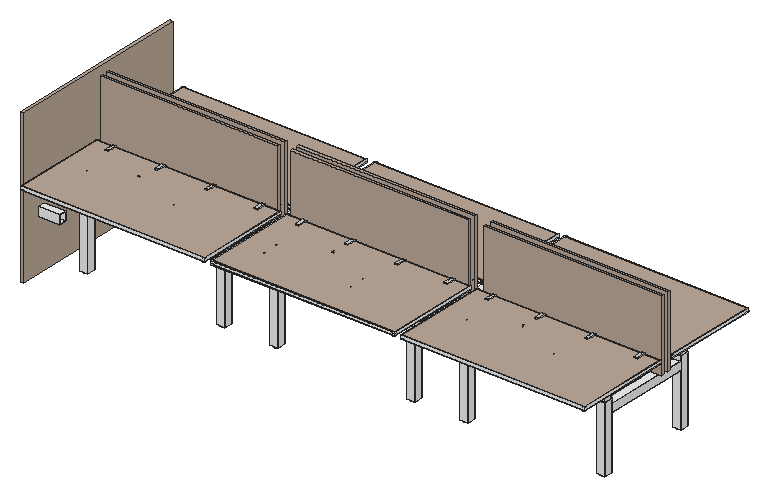
Revit family "T200106", category Furniture, Revit 2022
Family settings
  OmniClass Number = 23.40.20.00
  OmniClass Title = General Furniture and Specialties
  Work Plane-Based = No
  Always vertical = No
  Cut with Voids When Loaded = No
  Render Appearance Source = Family Geometry
  Shared = No
  Room Calculation Point = No
Parameters (values of type "T200106")
  URL = "https://ofs.com/"
  Manufacturer = "OFS"
  Description = "OFS TYPICAL T200106"
  Default Elevation = 0"
  Copyright © = "©OFS 2021"
  Catalog = "https://ofs.com/2020-experience"
  Authoring Version = "Autodesk Revit Architecture 2015"
  Assembly Code = "E2020400"
Reference planes (in)
  plane 1 "Center Front/Back": y = 0
  plane 2: z = 0
  plane 3 "Center Left/Right": x = 0
Dimensions and locks (in)
  aligned and locked: level to plane 2
Nested families (in)
  nested 1: "OFS RANGE CABLE CARRIER" at (-31.25, 12, -23.375), type "CABLE CARRIER 60W"
  nested 2: "OFS RANGE CABLE CARRIER" at (29.99027, 12, -23.375), type "CABLE CARRIER 60W"
  nested 3: "OFS RANGE CABLE CARRIER" at (89.95988, 12, -23.375), type "CABLE CARRIER 60W"
  nested 4: "OFS RANGE HEIGHT ADJUSTABLE BENCH KIT" at (89.95988, 12, 0), type "HEIGHT ADJUSTABLE BENCH KIT 60W"
    with Height 27 7/8"
  nested 5: "OFS RANGE HEIGHT ADJUSTABLE BENCH KIT" at (29.99027, 12, 0), type "HEIGHT ADJUSTABLE BENCH KIT 60W"
    with Height 27 7/8"
  nested 6: "OFS RANGE HEIGHT ADJUSTABLE BENCH KIT" at (-30, 12, 0), type "HEIGHT ADJUSTABLE BENCH KIT 60W"
    with Height 27 7/8"
  nested 7: "OFS RANGE END CAP" at (-63, 0.05906, 0) x (0, 1, 0) z (0, 0, 1), type "END CAP"
  nested 8: "OFS RANGE END CAP" at (121.70988, 0.04764, 0) x (0, -1, 0) z (0, 0, 1), type "END CAP"
  nested 9: "OFS RANGE HEIGHT ADJUSTABLE GANGING TRAY" at (0, 12, 0), type "HEIGHT ADJUSTABLE GANGING TRAY"
  nested 10: "OFS RANGE BRACKETS FOR WORKSURFACE EDGE MODESTY FABRIC PANEL" at (-22, -1.87262, -3.3125), type "BRACKETS FOR WORKSURFACE EDGE MODESTY Fabric Panel"
  nested 11: "OFS RANGE BRACKETS FOR WORKSURFACE EDGE MODESTY FABRIC PANEL" at (-38, -1.86781, -3.3125), type "BRACKETS FOR WORKSURFACE EDGE MODESTY Fabric Panel"
  nested 12: "OFS RANGE BRACKETS FOR WORKSURFACE EDGE MODESTY FABRIC PANEL" at (-6.5, -1.87262, -3.3125), type "BRACKETS FOR WORKSURFACE EDGE MODESTY Fabric Panel"
  nested 13: "OFS RANGE BRACKETS FOR WORKSURFACE EDGE MODESTY FABRIC PANEL" at (-53.5, -1.86802, -3.3125), type "BRACKETS FOR WORKSURFACE EDGE MODESTY Fabric Panel"
  nested 14: "OFS RANGE HEIGHT ADJUSTABLE GANGING TRAY" at (59.98054, 12, 0) x (-1, 0, 0) z (0, 0, 1), type "HEIGHT ADJUSTABLE GANGING TRAY"
  nested 15: "OFS RANGE BRACKETS FOR WORKSURFACE EDGE MODESTY FABRIC PANEL" at (-22, 1.87961, -3.3125), type "BRACKETS FOR WORKSURFACE EDGE MODESTY Fabric Panel"
  nested 16: "OFS RANGE BRACKETS FOR WORKSURFACE EDGE MODESTY FABRIC PANEL" at (-38, 1.87479, -3.3125), type "BRACKETS FOR WORKSURFACE EDGE MODESTY Fabric Panel"
  nested 17: "OFS RANGE BRACKETS FOR WORKSURFACE EDGE MODESTY FABRIC PANEL" at (-6.5, 1.87961, -3.3125), type "BRACKETS FOR WORKSURFACE EDGE MODESTY Fabric Panel"
  nested 18: "OFS RANGE BRACKETS FOR WORKSURFACE EDGE MODESTY FABRIC PANEL" at (-53.5, 1.875, -3.3125), type "BRACKETS FOR WORKSURFACE EDGE MODESTY Fabric Panel"
  nested 19: "OFS RANGE BRACKETS FOR WORKSURFACE EDGE MODESTY FABRIC PANEL" at (22, 1.87961, -3.3125) x (-1, 0, 0) z (0, 0, 1), type "BRACKETS FOR WORKSURFACE EDGE MODESTY Fabric Panel"
  nested 20: "OFS RANGE BRACKETS FOR WORKSURFACE EDGE MODESTY FABRIC PANEL" at (38, 1.87479, -3.3125) x (-1, 0, 0) z (0, 0, 1), type "BRACKETS FOR WORKSURFACE EDGE MODESTY Fabric Panel"
  nested 21: "OFS RANGE BRACKETS FOR WORKSURFACE EDGE MODESTY FABRIC PANEL" at (6.5, 1.87961, -3.3125) x (-1, 0, 0) z (0, 0, 1), type "BRACKETS FOR WORKSURFACE EDGE MODESTY Fabric Panel"
  nested 22: "OFS RANGE BRACKETS FOR WORKSURFACE EDGE MODESTY FABRIC PANEL" at (53.5, 1.875, -3.3125) x (-1, 0, 0) z (0, 0, 1), type "BRACKETS FOR WORKSURFACE EDGE MODESTY Fabric Panel"
  nested 23: "OFS RANGE BRACKETS FOR WORKSURFACE EDGE MODESTY FABRIC PANEL" at (22, -1.87262, -3.3125) x (-1, 0, 0) z (0, 0, 1), type "BRACKETS FOR WORKSURFACE EDGE MODESTY Fabric Panel"
  nested 24: "OFS RANGE BRACKETS FOR WORKSURFACE EDGE MODESTY FABRIC PANEL" at (38, -1.86781, -3.3125) x (-1, 0, 0) z (0, 0, 1), type "BRACKETS FOR WORKSURFACE EDGE MODESTY Fabric Panel"
  nested 25: "OFS RANGE BRACKETS FOR WORKSURFACE EDGE MODESTY FABRIC PANEL" at (6.5, -1.87262, -3.3125) x (-1, 0, 0) z (0, 0, 1), type "BRACKETS FOR WORKSURFACE EDGE MODESTY Fabric Panel"
  nested 26: "OFS RANGE BRACKETS FOR WORKSURFACE EDGE MODESTY FABRIC PANEL" at (53.5, -1.86802, -3.3125) x (-1, 0, 0) z (0, 0, 1), type "BRACKETS FOR WORKSURFACE EDGE MODESTY Fabric Panel"
  nested 27: "OFS RANGE BRACKETS FOR WORKSURFACE EDGE MODESTY FABRIC PANEL" at (97.96107, -1.87262, -3.3125), type "BRACKETS FOR WORKSURFACE EDGE MODESTY Fabric Panel"
  nested 28: "OFS RANGE BRACKETS FOR WORKSURFACE EDGE MODESTY FABRIC PANEL" at (81.96107, -1.86781, -3.3125), type "BRACKETS FOR WORKSURFACE EDGE MODESTY Fabric Panel"
  nested 29: "OFS RANGE BRACKETS FOR WORKSURFACE EDGE MODESTY FABRIC PANEL" at (113.46107, -1.87262, -3.3125), type "BRACKETS FOR WORKSURFACE EDGE MODESTY Fabric Panel"
  nested 30: "OFS RANGE BRACKETS FOR WORKSURFACE EDGE MODESTY FABRIC PANEL" at (66.46107, -1.86802, -3.3125), type "BRACKETS FOR WORKSURFACE EDGE MODESTY Fabric Panel"
  nested 31: "OFS RANGE BRACKETS FOR WORKSURFACE EDGE MODESTY FABRIC PANEL" at (97.96107, 1.87961, -3.3125), type "BRACKETS FOR WORKSURFACE EDGE MODESTY Fabric Panel"
  nested 32: "OFS RANGE BRACKETS FOR WORKSURFACE EDGE MODESTY FABRIC PANEL" at (81.96107, 1.87479, -3.3125), type "BRACKETS FOR WORKSURFACE EDGE MODESTY Fabric Panel"
  nested 33: "OFS RANGE BRACKETS FOR WORKSURFACE EDGE MODESTY FABRIC PANEL" at (113.46107, 1.87961, -3.3125), type "BRACKETS FOR WORKSURFACE EDGE MODESTY Fabric Panel"
  nested 34: "OFS RANGE BRACKETS FOR WORKSURFACE EDGE MODESTY FABRIC PANEL" at (66.46107, 1.875, -3.3125), type "BRACKETS FOR WORKSURFACE EDGE MODESTY Fabric Panel"
  nested 35: "OFS RANGE 30D RECTANGULAR TOP" at (-30, -2, 0), type "30D RECTANGULAR TOP 58W"
  nested 36: "OFS RANGE 30D RECTANGULAR TOP" at (29.99027, -2, 0), type "30D RECTANGULAR TOP 58W"
  nested 37: "OFS RANGE 30D RECTANGULAR TOP" at (89.95988, -2, 0), type "30D RECTANGULAR TOP 58W"
  nested 38: "OFS RANGE 30D RECTANGULAR TOP" at (-30, 2, 0) x (-1, 0, 0) z (0, 0, 1), type "30D RECTANGULAR TOP 58W"
  nested 39: "OFS RANGE 30D RECTANGULAR TOP" at (30.57814, 1.95669, 0) x (-1, 0, 0) z (0, 0, 1), type "30D RECTANGULAR TOP 58W"
  nested 40: "OFS RANGE 30D RECTANGULAR TOP" at (90.45314, 2.04331, 0) x (-1, 0, 0) z (0, 0, 1), type "30D RECTANGULAR TOP 58W"
  nested 41: "OFS RANGE WORKSURFACE EDGE MODESTY FABRIC" at (-30.13046, 10.91831, 0), type "WORKSURFACE EDGE MODESTY 56W FABRIC"
  nested 42: "OFS RANGE WORKSURFACE EDGE MODESTY FABRIC" at (-30.17636, 13.45669, 0), type "WORKSURFACE EDGE MODESTY 56W FABRIC"
  nested 43: "OFS RANGE WORKSURFACE EDGE MODESTY FABRIC" at (29.86954, 10.91831, 0), type "WORKSURFACE EDGE MODESTY 56W FABRIC"
  nested 44: "OFS RANGE WORKSURFACE EDGE MODESTY FABRIC" at (29.82364, 13.45669, 0), type "WORKSURFACE EDGE MODESTY 56W FABRIC"
  nested 45: "OFS RANGE WORKSURFACE EDGE MODESTY FABRIC" at (90.86954, 10.91831, 0), type "WORKSURFACE EDGE MODESTY 56W FABRIC"
  nested 46: "OFS RANGE WORKSURFACE EDGE MODESTY FABRIC" at (90.82364, 13.45669, 0), type "WORKSURFACE EDGE MODESTY 56W FABRIC"
  nested 47: "OFS RANGE DIVIDER WALL PRIVACY PANEL" at (-72.17283, -0.5483, 0) x (0, 1, 0) z (0, 0, 1), type "DIVIDER WALL PRIVACY PANEL 48H 59W"
Definition of nested family "OFS RANGE CABLE CARRIER"
  Parameters (values of type "CABLE CARRIER 72W")
    Width = 52 1/2"
    URL = "http://www.ofs.com/"
    Model = "HB-72CC"
    Manufacturer = "CAROLINA"
    Height from Floor = 38 3/8"
    Height = 4 3/4"
    Profile Material = none
    Description = "OFS CAROLINA CABLE CARRIER, Use with 72\" Bench Kit"
    Depth = 9 1/2"
    Default Elevation = 0"
    Copyright © = "©OFS 2019"
    Catalog = "https://ofs.com/products/open-plan/benching/range"
    Authoring Version = "Autodesk Revit Architecture 2015"
    Assembly Code = "E2020200"
  Types (5): name | Width | Model | Description
    (no name) | 52 1/2" | "HB-72CC" | "OFS CAROLINA CABLE CARRIER, Use with 72\" Bench Kit"
    CABLE CARRIER 54W | 34 1/2" | "HB-54CC" | "OFS CAROLINA CABLE CARRIER, Use with 54\" Bench Kit"
    CABLE CARRIER 60W | 40 1/2" | "HB-60CC" | "OFS CAROLINA CABLE CARRIER, Use with 60\" Bench Kit"
    CABLE CARRIER 66W | 46 1/2" | "HB-66CC" | "OFS CAROLINA CABLE CARRIER, Use with 66\" Bench Kit"
    CABLE CARRIER 72W | 52 1/2" | "HB-72CC" | "OFS CAROLINA CABLE CARRIER, Use with 72\" Bench Kit"
  Reference planes (in)
    plane 1 "Back": y = -7.25
    plane 2: z = 0
    plane 3 "Center Left/Right": x = 0
    plane 4 "Front": y = -16.75
    plane 5 "Left": x = -26.25
    plane 6 "Right": x = 26.25
    plane 7: z = 38.375
    plane 8: z = 43.125
    plane 9: y = -12
    plane 10: x = -26
    plane 11: x = 26
  Forms (in)
    Extrusion 1, solid, material <- "Profile Material"
      sketch origin (0, 0, 0) x (0, 1, 0) y (0, 0, 1)
        loop
          arc (-16.75, 38.46905) -> (-16.66025, 38.38387) -> (-16.57988, 38.47795) r 0.08529
          line (-16.57988, 38.47795) -> (-16.59942, 38.79749) -> (-16.65837, 38.79388) -> (-16.63788, 38.45883)
          arc (-16.63788, 38.45883) -> (-16.66298, 38.43067) -> (-16.69094, 38.45599) r 0.02657
          line (-16.69094, 38.45599) -> (-16.69094, 42.16761)
          arc (-16.69094, 42.16761) -> (-16.68076, 42.1803) -> (-16.66616, 42.1731) r 0.013
          line (-16.66616, 42.1731) -> (-16.52333, 41.8668) -> (-16.4698, 41.89175) -> (-16.63086, 42.23713)
          arc (-16.63086, 42.23713) -> (-16.70103, 42.27174) -> (-16.75, 42.21072) r 0.0625
          line (-16.75, 42.21072) -> (-16.75, 38.46905)
      from -26.25 to 26.25
    Extrusion 2, solid, material <- "Profile Material"
      sketch origin (0, -24, 0) x (0, -1, 0) y (0, 0, -1)
        loop
          line (-16.75, -38.46905) -> (-16.75, -42.21072)
          arc (-16.75, -42.21072) -> (-16.70103, -42.27174) -> (-16.63086, -42.23713) r 0.0625
          line (-16.63086, -42.23713) -> (-16.4698, -41.89175) -> (-16.52333, -41.8668) -> (-16.66616, -42.1731)
          arc (-16.66616, -42.1731) -> (-16.68076, -42.1803) -> (-16.69094, -42.16761) r 0.013
          line (-16.69094, -42.16761) -> (-16.69094, -38.45599)
          arc (-16.69094, -38.45599) -> (-16.66298, -38.43067) -> (-16.63788, -38.45883) r 0.02657
          line (-16.63788, -38.45883) -> (-16.65837, -38.79388) -> (-16.59942, -38.79749) -> (-16.57988, -38.47795)
          arc (-16.57988, -38.47795) -> (-16.66025, -38.38387) -> (-16.75, -38.46905) r 0.08529
      from -26.25 to 26.25
    Extrusion 3, solid, material <- "Profile Material"
      sketch origin (0, 0, 0) x (0, 1, 0) y (0, 0, 1)
        loop
          line (-7.70866, 42.18051) -> (-7.70866, 38.47972) -> (-7.57087, 38.47972) -> (-7.57087, 42.17868)
          arc (-7.57087, 42.17868) -> (-7.61176, 42.27741) -> (-7.71049, 42.31831) r 0.13963
          line (-7.71049, 42.31831) -> (-16.28951, 42.31831)
          arc (-16.28951, 42.31831) -> (-16.38824, 42.27741) -> (-16.42914, 42.17868) r 0.13963
          line (-16.42914, 42.17868) -> (-16.42914, 38.47972) -> (-16.29134, 38.47972) -> (-16.29134, 42.18051) -> (-7.70866, 42.18051)
      from -26.25 to 26.25
    Extrusion 4, solid, material <- "Profile Material"
      sketch origin (0, 0, 0) x (0, 1, 0) y (0, 0, 1)
        loop
          line (-13.4498, 42.37736) -> (-10.5502, 42.37736)
          arc (-10.5502, 42.37736) -> (-10.46181, 42.41397) -> (-10.4252, 42.50236) r 0.125
          line (-10.4252, 42.50236) -> (-10.4252, 43)
          arc (-10.4252, 43) -> (-10.46181, 43.08839) -> (-10.5502, 43.125) r 0.125
          line (-10.5502, 43.125) -> (-13.4498, 43.125)
          arc (-13.4498, 43.125) -> (-13.53819, 43.08839) -> (-13.5748, 43) r 0.125
          line (-13.5748, 43) -> (-13.5748, 42.50236)
          arc (-13.5748, 42.50236) -> (-13.53819, 42.41397) -> (-13.4498, 42.37736) r 0.125
        loop
          line (-10.54331, 42.49547) -> (-10.54331, 43.00689) -> (-13.45669, 43.00689) -> (-13.45669, 42.49547) -> (-10.54331, 42.49547)
      from -26.25 to 26.25
    Extrusion 5, solid, material <- "Profile Material"
      sketch origin (0, 0, 0) x (0, 1, 0) y (0, 0, 1)
        loop
          line (-7.55906, 38.43406) -> (-16.44094, 38.43406) -> (-16.44094, 39.19311) -> (-16.5, 39.19311) -> (-16.5, 38.44013)
          arc (-16.5, 38.44013) -> (-16.48092, 38.39408) -> (-16.43487, 38.375) r 0.06513
          line (-16.43487, 38.375) -> (-7.56513, 38.375)
          arc (-7.56513, 38.375) -> (-7.51908, 38.39408) -> (-7.5, 38.44013) r 0.06513
          line (-7.5, 38.44013) -> (-7.5, 39.19311) -> (-7.55906, 39.19311) -> (-7.55906, 38.43406)
      from -26.25 to 26.25
    Extrusion 6, solid, material <- "Profile Material"
      sketch origin (0, 0, 0) x (0, 1, 0) y (0, 0, 1)
        loop
          arc (-16.39444, 42.37736) -> (-16.46073, 42.3499) -> (-16.48819, 42.28361) r 0.09375
          line (-16.48819, 42.28361) -> (-16.48819, 41.85717)
          arc (-16.48819, 41.85717) -> (-16.49961, 41.84294) -> (-16.51596, 41.85101) r 0.01457
          line (-16.51596, 41.85101) -> (-16.63096, 42.09762) -> (-16.68194, 42.07384) -> (-16.54764, 41.78583)
          arc (-16.54764, 41.78583) -> (-16.47784, 41.75141) -> (-16.42914, 41.8121) r 0.06216
          line (-16.42914, 41.8121) -> (-16.42914, 42.28714)
          arc (-16.42914, 42.28714) -> (-16.42001, 42.30918) -> (-16.39796, 42.31831) r 0.03117
          line (-16.39796, 42.31831) -> (-7.60204, 42.31831)
          arc (-7.60204, 42.31831) -> (-7.57999, 42.30918) -> (-7.57087, 42.28714) r 0.03117
          line (-7.57087, 42.28714) -> (-7.57087, 41.8121)
          arc (-7.57087, 41.8121) -> (-7.52216, 41.75141) -> (-7.45236, 41.78583) r 0.06216
          line (-7.45236, 41.78583) -> (-7.31806, 42.07384) -> (-7.36904, 42.09762) -> (-7.48404, 41.85101)
          arc (-7.48404, 41.85101) -> (-7.50039, 41.84294) -> (-7.51181, 41.85717) r 0.01457
          line (-7.51181, 41.85717) -> (-7.51181, 42.28361)
          arc (-7.51181, 42.28361) -> (-7.53927, 42.3499) -> (-7.60556, 42.37736) r 0.09375
          line (-7.60556, 42.37736) -> (-16.39444, 42.37736)
      from -26.25 to 26.25
    Extrusion 7, solid, material <- "Profile Material"
      sketch origin (0, 0, 0) x (0, 1, 0) y (0, 0, 1)
        loop
          line (-9.5, 40.40471) -> (-9.5, 42.18051) -> (-14.5, 42.18051) -> (-14.5, 40.40471)
          arc (-14.5, 40.40471) -> (-14.46305, 40.3155) -> (-14.37384, 40.27854) r 0.12616
          line (-14.37384, 40.27854) -> (-9.62616, 40.27854)
          arc (-9.62616, 40.27854) -> (-9.53695, 40.3155) -> (-9.5, 40.40471) r 0.12616
      from 26 to 26.25
    Extrusion 8, solid, material <- "Profile Material"
      sketch origin (0, 0, 0) x (0, 1, 0) y (0, 0, -1)
        loop
          arc (-9.5, -40.40471) -> (-9.53695, -40.3155) -> (-9.62616, -40.27854) r 0.12616
          line (-9.62616, -40.27854) -> (-14.37384, -40.27854)
          arc (-14.37384, -40.27854) -> (-14.46305, -40.3155) -> (-14.5, -40.40471) r 0.12616
          line (-14.5, -40.40471) -> (-14.5, -42.18051) -> (-9.5, -42.18051) -> (-9.5, -40.40471)
      from 26 to 26.25
  Dimensions and locks (in)
    "Depth": plane 4 "Front" to plane 1 "Back"
    equal spacing: plane 5 "Left", plane 3 "Center Left/Right", plane 6 "Right"
    "Width": plane 5 "Left" to plane 6 "Right"
    "Height from Floor": plane 7 to level
    "Height": plane 8 to plane 7
    equal spacing: plane 4 "Front", plane 9, plane 1 "Back"
    locked: plane 5 "Left" to plane 10 at 0.25
    locked: plane 6 "Right" to plane 11 at 0.25
    aligned and locked: level to plane 2
    aligned and locked: Extrusion 1 to plane 6 "Right"
    aligned and locked: Extrusion 3 to plane 6 "Right"
    aligned and locked: Extrusion 2 to plane 6 "Right"
    aligned and locked: Extrusion 5 to plane 6 "Right"
    aligned and locked: Extrusion 4 to plane 6 "Right"
    aligned and locked: Extrusion 6 to plane 6 "Right"
    aligned and locked: Extrusion 1 to plane 5 "Left"
    aligned and locked: Extrusion 3 to plane 5 "Left"
    aligned and locked: Extrusion 2 to plane 5 "Left"
    aligned and locked: Extrusion 4 to plane 5 "Left"
    aligned and locked: Extrusion 6 to plane 5 "Left"
    aligned and locked: Extrusion 5 to plane 5 "Left"
    aligned and locked: plane 11 to Extrusion 7
    aligned and locked: Extrusion 7 to plane 6 "Right"
    aligned and locked: Extrusion 8 to plane 5 "Left"
    aligned and locked: plane 10 to Extrusion 8
  Automatic sketch dimensions
    Extrusion 1 sketch curve to plane 4 "Front" = 0"
    Extrusion 1 sketch curve to plane 4 "Front" = 0.05906"
    Extrusion 1 sketch curve to Extrusion 1 sketch curve = 0.00344"
    Extrusion 1 sketch curve to Extrusion 1 sketch curve = 0.013"
    Extrusion 1 sketch curve to Extrusion 1 sketch curve = 0.01178"
    Extrusion 1 sketch curve to Extrusion 1 sketch curve = 0.02624"
    Extrusion 1 sketch curve to Extrusion 1 sketch curve = 0.00031"
    Extrusion 1 sketch curve to plane 4 "Front" = 0.09163"
    plane 7 to Extrusion 1 sketch curve = 0.08383"
    Extrusion 1 sketch curve to Extrusion 1 sketch curve = 0.02652"
    Extrusion 1 sketch curve to Extrusion 1 sketch curve = 0.05664"
    Extrusion 1 sketch curve to Extrusion 1 sketch curve = 0.05894"
    plane 7 to Extrusion 1 sketch curve = 0.10295"
    Extrusion 1 sketch curve to Extrusion 1 sketch curve = 0.058"
    Extrusion 1 sketch curve to plane 4 "Front" = 0.22667"
    Extrusion 1 sketch curve to Extrusion 1 sketch curve = 0.05352"
    Extrusion 1 sketch curve to Extrusion 1 sketch curve = 0.01184"
    Extrusion 1 sketch curve to plane 8 = 1.2582"
    Extrusion 1 sketch curve to Extrusion 1 sketch curve = 0.02496"
    Extrusion 2 sketch curve to plane 1 "Back" = 0"
    Extrusion 2 sketch curve to plane 1 "Back" = 0.05906"
    Extrusion 2 sketch curve to Extrusion 2 sketch curve = 0.00344"
    Extrusion 2 sketch curve to Extrusion 2 sketch curve = 0.013"
    Extrusion 2 sketch curve to Extrusion 2 sketch curve = 0.01178"
    Extrusion 2 sketch curve to Extrusion 2 sketch curve = 0.02624"
    Extrusion 2 sketch curve to Extrusion 2 sketch curve = 0.00031"
    Extrusion 2 sketch curve to plane 1 "Back" = 0.09163"
    Extrusion 2 sketch curve to plane 7 = 0.08383"
    Extrusion 2 sketch curve to Extrusion 2 sketch curve = 0.02652"
    Extrusion 2 sketch curve to Extrusion 2 sketch curve = 0.05664"
    Extrusion 2 sketch curve to Extrusion 2 sketch curve = 0.05894"
    Extrusion 2 sketch curve to plane 7 = 0.10295"
    Extrusion 2 sketch curve to Extrusion 2 sketch curve = 0.058"
    Extrusion 2 sketch curve to plane 1 "Back" = 0.22667"
    Extrusion 2 sketch curve to Extrusion 2 sketch curve = 0.05352"
    Extrusion 2 sketch curve to Extrusion 2 sketch curve = 0.01184"
    plane 8 to Extrusion 2 sketch curve = 1.2582"
    Extrusion 2 sketch curve to Extrusion 2 sketch curve = 0.02496"
    Extrusion 3 sketch curve to plane 4 "Front" = 0.32086"
    Extrusion 3 sketch curve to Extrusion 3 sketch curve = 0.1378"  (x2)
    Extrusion 3 sketch curve to Extrusion 3 sketch curve = 0.00183"  (x3)
    plane 1 "Back" to Extrusion 3 sketch curve = 0.46049"
    plane 7 to Extrusion 3 sketch curve = 0.10472"  (x2)
    Extrusion 3 sketch curve to plane 8 = 0.94632"
    Extrusion 4 sketch curve to plane 8 = 0"
    Extrusion 4 sketch curve to plane 9 = 1.5748"
    Extrusion 4 sketch curve to Extrusion 4 sketch curve = 0.11811"  (x2)
    Extrusion 4 sketch curve to Extrusion 4 sketch curve = 0.00689"  (x5)
    plane 9 to Extrusion 4 sketch curve = 1.4498"
    Extrusion 4 sketch curve to Extrusion 4 sketch curve = 0"
    Extrusion 4 sketch curve to Extrusion 4 sketch curve = 0.49764"
    Extrusion 5 sketch curve to plane 7 = 0"
    plane 7 to Extrusion 5 sketch curve = 0.06513"  (x2)
    Extrusion 5 sketch curve to plane 4 "Front" = 1/4"
    Extrusion 5 sketch curve to Extrusion 5 sketch curve = 0.05906"  (x2)
    plane 1 "Back" to Extrusion 5 sketch curve = 0.31513"
    Extrusion 5 sketch curve to Extrusion 5 sketch curve = 0.00607"
    Extrusion 5 sketch curve to Extrusion 5 sketch curve = 0.75298"  (x2)
    Extrusion 6 sketch curve to plane 4 "Front" = 0.06806"
    Extrusion 6 sketch curve to Extrusion 6 sketch curve = 0.05098"  (x2)
    Extrusion 6 sketch curve to plane 4 "Front" = 0.20236"
    Extrusion 6 sketch curve to Extrusion 6 sketch curve = 0.03168"
    Extrusion 6 sketch curve to Extrusion 6 sketch curve = 0.0132"  (x2)
    Extrusion 6 sketch curve to Extrusion 6 sketch curve = 0.02466"
    Extrusion 6 sketch curve to Extrusion 6 sketch curve = 0.01457"  (x2)
    Extrusion 6 sketch curve to Extrusion 6 sketch curve = 0.06216"
    Extrusion 6 sketch curve to Extrusion 6 sketch curve = 0.03117"  (x2)
    Extrusion 6 sketch curve to Extrusion 6 sketch curve = 0.00352"  (x3)
    plane 1 "Back" to Extrusion 6 sketch curve = 0.35556"
    Extrusion 6 sketch curve to Extrusion 6 sketch curve = 0.05906"
    Extrusion 6 sketch curve to Extrusion 6 sketch curve = 0.00311"
    Extrusion 6 sketch curve to Extrusion 6 sketch curve = 0.05634"
    plane 1 "Back" to Extrusion 6 sketch curve = 0.11904"
    Extrusion 6 sketch curve to plane 8 = 1.33917"  (x2)
    Extrusion 6 sketch curve to Extrusion 6 sketch curve = 0.03891"  (x2)
    Extrusion 6 sketch curve to Extrusion 6 sketch curve = 0.186"
    Extrusion 7 sketch curve to plane 4 "Front" = 2 1/4"
    Extrusion 7 sketch curve to Extrusion 7 sketch curve = 0.12616"  (x2)
    plane 9 to Extrusion 7 sketch curve = 2.37384"
    plane 7 to Extrusion 7 sketch curve = 1.90354"
    Extrusion 7 sketch curve to plane 8 = 0.94449"
    Extrusion 8 sketch curve to plane 4 "Front" = 2 1/4"
    Extrusion 8 sketch curve to Extrusion 8 sketch curve = 0.12616"  (x2)
    plane 9 to Extrusion 8 sketch curve = 2.37384"
    Extrusion 8 sketch curve to plane 8 = 0.94449"
    Extrusion 8 sketch curve to Extrusion 8 sketch curve = 1.77581"
Definition of nested family "OFS RANGE HEIGHT ADJUSTABLE BENCH KIT"
  Parameters (values of type "HEIGHT ADJUSTABLE BENCH KIT 54W")
    Default Elevation = 0"
    Casters Material = none
    Width = 44"
    URL = "http://www.ofs.com/"
    Model = "HB-54HABK"
    Manufacturer = "CAROLINA"
    Height [instance] = 27 7/8"
    Structure Material = none
    Description = "OFS CAROLINA RANGE HEIGHT ADJUSTABLE BENCH KIT, 54\" Kit, Accommodates Two Users"
    Depth = 45 3/4"
    Copyright © = "©OFS 2019"
    Catalog = "https://ofs.com/products/open-plan/benching/range"
    Authoring Version = "Autodesk Revit Architecture 2015"
    Assembly Code = "E2020200"
  Types (5): name | Width | Model | Description
    (no name) | 44" | "HB-54HABK" | "OFS CAROLINA RANGE HEIGHT ADJUSTABLE BENCH KIT, 54\" Kit, Accommodates Two Users"
    HEIGHT ADJUSTABLE BENCH KIT 54W | 44" | "HB-54HABK" | "OFS CAROLINA RANGE HEIGHT ADJUSTABLE BENCH KIT, 54\" Kit, Accommodates Two Users"
    HEIGHT ADJUSTABLE BENCH KIT 60W | 50" | "HB-60HABK" | "OFS CAROLINA RANGE HEIGHT ADJUSTABLE BENCH KIT, 60\" Kit, Accommodates Two Users"
    HEIGHT ADJUSTABLE BENCH KIT 66W | 56" | "HB-66HABK" | "OFS CAROLINA RANGE HEIGHT ADJUSTABLE BENCH KIT, 66\" Kit, Accommodates Two Users"
    HEIGHT ADJUSTABLE BENCH KIT 72W | 62" | "HB-72HABK" | "OFS CAROLINA RANGE HEIGHT ADJUSTABLE BENCH KIT, 72\" Kit, Accommodates Two Users"
  Reference planes (in)
    plane 1 "Back": y = 10.875
    plane 2: z = 0
    plane 3 "Center Left/Right": x = 0
    plane 4 "Front": y = -34.875
    plane 5 "Left": x = -22
    plane 6 "Right": x = 22
    plane 7: z = 27.875
    plane 8: y = -12
    plane 9: z = 19.75
    plane 10: z = 17
    plane 11: z = 21.25
    plane 12: x = -20
    plane 13: x = 20
    plane 14: x = -17.25
    plane 15: x = 17.25
    plane 16: y = 4.375
    plane 17: y = 1.625
    plane 18: y = -28.375
    plane 19: y = -25.625
    plane 20: z = 0.375
    plane 21: x = -20.875
    plane 22: x = 20.875
    plane 23: y = -4.87622
    plane 24: y = -19.12378
    plane 25: z = 26.75
    plane 26: y = -23.9375
    plane 27: y = -25.125
    plane 28: y = -30.0625
    plane 29: y = -28.875
    plane 30: y = -0.0625
    plane 31: y = 1.125
    plane 32: y = 6.0625
    plane 33: y = 4.875
    plane 34: x = -0.5
    plane 35: x = 0.5
    plane 36: z = 25.5
    plane 37: z = 26
  Forms (in)
    Extrusion 1, solid, material <- "Structure Material"
      sketch origin (0, 0, 0) x (1, 0, 0) y (0, 1, 0)
        loop
          arc (-19.875, 4.375) -> (-19.96339, 4.33839) -> (-20, 4.25) r 0.125
          line (-20, 4.25) -> (-20, 1.75)
          arc (-20, 1.75) -> (-19.96339, 1.66161) -> (-19.875, 1.625) r 0.125
          line (-19.875, 1.625) -> (-17.375, 1.625)
          arc (-17.375, 1.625) -> (-17.28661, 1.66161) -> (-17.25, 1.75) r 0.125
          line (-17.25, 1.75) -> (-17.25, 4.25)
          arc (-17.25, 4.25) -> (-17.28661, 4.33839) -> (-17.375, 4.375) r 0.125
          line (-17.375, 4.375) -> (-19.875, 4.375)
        loop
          arc (17.375, 4.375) -> (17.28661, 4.33839) -> (17.25, 4.25) r 0.125
          line (17.25, 4.25) -> (17.25, 1.75)
          arc (17.25, 1.75) -> (17.28661, 1.66161) -> (17.375, 1.625) r 0.125
          line (17.375, 1.625) -> (19.875, 1.625)
          arc (19.875, 1.625) -> (19.96339, 1.66161) -> (20, 1.75) r 0.125
          line (20, 1.75) -> (20, 4.25)
          arc (20, 4.25) -> (19.96339, 4.33839) -> (19.875, 4.375) r 0.125
          line (19.875, 4.375) -> (17.375, 4.375)
        loop
          arc (19.875, -28.375) -> (19.96339, -28.33839) -> (20, -28.25) r 0.125
          line (20, -28.25) -> (20, -25.75)
          arc (20, -25.75) -> (19.96339, -25.66161) -> (19.875, -25.625) r 0.125
          line (19.875, -25.625) -> (17.375, -25.625)
          arc (17.375, -25.625) -> (17.28661, -25.66161) -> (17.25, -25.75) r 0.125
          line (17.25, -25.75) -> (17.25, -28.25)
          arc (17.25, -28.25) -> (17.28661, -28.33839) -> (17.375, -28.375) r 0.125
          line (17.375, -28.375) -> (19.875, -28.375)
        loop
          arc (-17.375, -28.375) -> (-17.28661, -28.33839) -> (-17.25, -28.25) r 0.125
          line (-17.25, -28.25) -> (-17.25, -25.75)
          arc (-17.25, -25.75) -> (-17.28661, -25.66161) -> (-17.375, -25.625) r 0.125
          line (-17.375, -25.625) -> (-19.875, -25.625)
          arc (-19.875, -25.625) -> (-19.96339, -25.66161) -> (-20, -25.75) r 0.125
          line (-20, -25.75) -> (-20, -28.25)
          arc (-20, -28.25) -> (-19.96339, -28.33839) -> (-19.875, -28.375) r 0.125
          line (-19.875, -28.375) -> (-17.375, -28.375)
      from 0.375 to 21.25
    Extrusion 2, solid, material <- "Structure Material"
      sketch origin (0, 10.875, 0) x (1, 0, 0) y (0, 0, 1)
        loop
          arc (-19.875, 19.75) -> (-19.96339, 19.71339) -> (-20, 19.625) r 0.125
          line (-20, 19.625) -> (-20, 17.125)
          arc (-20, 17.125) -> (-19.96339, 17.03661) -> (-19.875, 17) r 0.125
          line (-19.875, 17) -> (-17.375, 17)
          arc (-17.375, 17) -> (-17.28661, 17.03661) -> (-17.25, 17.125) r 0.125
          line (-17.25, 17.125) -> (-17.25, 19.625)
          arc (-17.25, 19.625) -> (-17.28661, 19.71339) -> (-17.375, 19.75) r 0.125
          line (-17.375, 19.75) -> (-19.875, 19.75)
        loop
          line (19.875, 19.75) -> (17.375, 19.75)
          arc (17.375, 19.75) -> (17.28661, 19.71339) -> (17.25, 19.625) r 0.125
          line (17.25, 19.625) -> (17.25, 17.125)
          arc (17.25, 17.125) -> (17.28661, 17.03661) -> (17.375, 17) r 0.125
          line (17.375, 17) -> (19.875, 17)
          arc (19.875, 17) -> (19.96339, 17.03661) -> (20, 17.125) r 0.125
          line (20, 17.125) -> (20, 19.625)
          arc (20, 19.625) -> (19.96339, 19.71339) -> (19.875, 19.75) r 0.125
      from 9.25 to 36.5
    Revolve 3, solid, material <- "Casters Material"
      sketch origin (0, 3, 0) x (1, 0, 0) y (0, 0, 1)
        loop
          line (-19.63403, 0.03937) -> (-18.625, 0.03937) -> (-18.625, 0.375) -> (-19.45473, 0.375) -> (-19.63403, 0.19569) -> (-19.63403, 0.03937)
        axis (-18.625, 0.375) -> (-18.625, 0.03937)
      angle from 0 to 360
    Revolve 4, solid, material <- "Casters Material"
      sketch origin (0, 3, 0) x (-1, 0, 0) y (0, 0, -1)
        loop
          line (-19.63403, -0.03937) -> (-19.63403, -0.19569) -> (-19.45473, -0.375) -> (-18.625, -0.375) -> (-18.625, -0.03937) -> (-19.63403, -0.03937)
        axis (-18.625, -0.375) -> (-18.625, -0.03937)
      angle from 0 to 360
    Revolve 5, solid, material <- "Casters Material"
      sketch origin (0, -27, 0) x (1, 0, 0) y (0, 0, -1)
        loop
          line (-19.63403, -0.03937) -> (-19.63403, -0.19569) -> (-19.45473, -0.375) -> (-18.625, -0.375) -> (-18.625, -0.03937) -> (-19.63403, -0.03937)
        axis (-18.625, -0.375) -> (-18.625, -0.03937)
      angle from 0 to 360
    Revolve 6, solid, material <- "Casters Material"
      sketch origin (0, -27, 0) x (-1, 0, 0) y (0, 0, 1)
        loop
          line (-19.63403, 0.03937) -> (-18.625, 0.03937) -> (-18.625, 0.375) -> (-19.45473, 0.375) -> (-19.63403, 0.19569) -> (-19.63403, 0.03937)
        axis (-18.625, 0.375) -> (-18.625, 0.03937)
      angle from 0 to 360
    Extrusion 7, solid, material <- "Structure Material"
      sketch origin (0, 10.875, 0) x (1, 0, 0) y (0, 0, 1)
        loop
          arc (-21.875, 27.875) -> (-21.96339, 27.83839) -> (-22, 27.75) r 0.125
          line (-22, 27.75) -> (-22, 26.875)
          arc (-22, 26.875) -> (-21.96339, 26.78661) -> (-21.875, 26.75) r 0.125
          line (-21.875, 26.75) -> (-21, 26.75)
          arc (-21, 26.75) -> (-20.91161, 26.78661) -> (-20.875, 26.875) r 0.125
          line (-20.875, 26.875) -> (-20.875, 27.75)
          arc (-20.875, 27.75) -> (-20.91161, 27.83839) -> (-21, 27.875) r 0.125
          line (-21, 27.875) -> (-21.875, 27.875)
        loop
          arc (21, 27.875) -> (20.91161, 27.83839) -> (20.875, 27.75) r 0.125
          line (20.875, 27.75) -> (20.875, 26.875)
          arc (20.875, 26.875) -> (20.91161, 26.78661) -> (21, 26.75) r 0.125
          line (21, 26.75) -> (21.875, 26.75)
          arc (21.875, 26.75) -> (21.96339, 26.78661) -> (22, 26.875) r 0.125
          line (22, 26.875) -> (22, 27.75)
          arc (22, 27.75) -> (21.96339, 27.83839) -> (21.875, 27.875) r 0.125
          line (21.875, 27.875) -> (21, 27.875)
      from 15.75122 to 0
    Extrusion 8, solid, material <- "Structure Material"
      sketch origin (0, 10.875, 0) x (1, 0, 0) y (0, 0, 1)
        loop
          line (21.875, 27.875) -> (21, 27.875)
          arc (21, 27.875) -> (20.91161, 27.83839) -> (20.875, 27.75) r 0.125
          line (20.875, 27.75) -> (20.875, 26.875)
          arc (20.875, 26.875) -> (20.91161, 26.78661) -> (21, 26.75) r 0.125
          line (21, 26.75) -> (21.875, 26.75)
          arc (21.875, 26.75) -> (21.96339, 26.78661) -> (22, 26.875) r 0.125
          line (22, 26.875) -> (22, 27.75)
          arc (22, 27.75) -> (21.96339, 27.83839) -> (21.875, 27.875) r 0.125
        loop
          arc (-21.875, 27.875) -> (-21.96339, 27.83839) -> (-22, 27.75) r 0.125
          line (-22, 27.75) -> (-22, 26.875)
          arc (-22, 26.875) -> (-21.96339, 26.78661) -> (-21.875, 26.75) r 0.125
          line (-21.875, 26.75) -> (-21, 26.75)
          arc (-21, 26.75) -> (-20.91161, 26.78661) -> (-20.875, 26.875) r 0.125
          line (-20.875, 26.875) -> (-20.875, 27.75)
          arc (-20.875, 27.75) -> (-20.91161, 27.83839) -> (-21, 27.875) r 0.125
          line (-21, 27.875) -> (-21.875, 27.875)
      from 29.99878 to 45.75
    Extrusion 9, solid, material <- "Structure Material"
      sketch origin (0, 0, 0) x (0, 1, 0) y (0, 0, 1)
        loop
          line (5.9375, 27.875) -> (5, 27.875)
          arc (5, 27.875) -> (4.91161, 27.83839) -> (4.875, 27.75) r 0.125
          line (4.875, 27.75) -> (4.875, 26.875)
          arc (4.875, 26.875) -> (4.91161, 26.78661) -> (5, 26.75) r 0.125
          line (5, 26.75) -> (5.9375, 26.75)
          arc (5.9375, 26.75) -> (6.02589, 26.78661) -> (6.0625, 26.875) r 0.125
          line (6.0625, 26.875) -> (6.0625, 27.75)
          arc (6.0625, 27.75) -> (6.02589, 27.83839) -> (5.9375, 27.875) r 0.125
        loop
          arc (0.0625, 27.875) -> (-0.02589, 27.83839) -> (-0.0625, 27.75) r 0.125
          line (-0.0625, 27.75) -> (-0.0625, 26.875)
          arc (-0.0625, 26.875) -> (-0.02589, 26.78661) -> (0.0625, 26.75) r 0.125
          line (0.0625, 26.75) -> (1, 26.75)
          arc (1, 26.75) -> (1.08839, 26.78661) -> (1.125, 26.875) r 0.125
          line (1.125, 26.875) -> (1.125, 27.75)
          arc (1.125, 27.75) -> (1.08839, 27.83839) -> (1, 27.875) r 0.125
          line (1, 27.875) -> (0.0625, 27.875)
        loop
          line (-24.0625, 27.875) -> (-25, 27.875)
          arc (-25, 27.875) -> (-25.08839, 27.83839) -> (-25.125, 27.75) r 0.125
          line (-25.125, 27.75) -> (-25.125, 26.875)
          arc (-25.125, 26.875) -> (-25.08839, 26.78661) -> (-25, 26.75) r 0.125
          line (-25, 26.75) -> (-24.0625, 26.75)
          arc (-24.0625, 26.75) -> (-23.97411, 26.78661) -> (-23.9375, 26.875) r 0.125
          line (-23.9375, 26.875) -> (-23.9375, 27.75)
          arc (-23.9375, 27.75) -> (-23.97411, 27.83839) -> (-24.0625, 27.875) r 0.125
        loop
          arc (-29.9375, 27.875) -> (-30.02589, 27.83839) -> (-30.0625, 27.75) r 0.125
          line (-30.0625, 27.75) -> (-30.0625, 26.875)
          arc (-30.0625, 26.875) -> (-30.02589, 26.78661) -> (-29.9375, 26.75) r 0.125
          line (-29.9375, 26.75) -> (-29, 26.75)
          arc (-29, 26.75) -> (-28.91161, 26.78661) -> (-28.875, 26.875) r 0.125
          line (-28.875, 26.875) -> (-28.875, 27.75)
          arc (-28.875, 27.75) -> (-28.91161, 27.83839) -> (-29, 27.875) r 0.125
          line (-29, 27.875) -> (-29.9375, 27.875)
      from -20.875 to -0.5
    Extrusion 10, solid, material <- "Structure Material"
      sketch origin (0, 0, 0) x (0, 1, 0) y (0, 0, 1)
        loop
          line (5.9375, 27.875) -> (5, 27.875)
          arc (5, 27.875) -> (4.91161, 27.83839) -> (4.875, 27.75) r 0.125
          line (4.875, 27.75) -> (4.875, 26.875)
          arc (4.875, 26.875) -> (4.91161, 26.78661) -> (5, 26.75) r 0.125
          line (5, 26.75) -> (5.9375, 26.75)
          arc (5.9375, 26.75) -> (6.02589, 26.78661) -> (6.0625, 26.875) r 0.125
          line (6.0625, 26.875) -> (6.0625, 27.75)
          arc (6.0625, 27.75) -> (6.02589, 27.83839) -> (5.9375, 27.875) r 0.125
        loop
          line (1, 27.875) -> (0.0625, 27.875)
          arc (0.0625, 27.875) -> (-0.02589, 27.83839) -> (-0.0625, 27.75) r 0.125
          line (-0.0625, 27.75) -> (-0.0625, 26.875)
          arc (-0.0625, 26.875) -> (-0.02589, 26.78661) -> (0.0625, 26.75) r 0.125
          line (0.0625, 26.75) -> (1, 26.75)
          arc (1, 26.75) -> (1.08839, 26.78661) -> (1.125, 26.875) r 0.125
          line (1.125, 26.875) -> (1.125, 27.75)
          arc (1.125, 27.75) -> (1.08839, 27.83839) -> (1, 27.875) r 0.125
        loop
          line (-29, 27.875) -> (-29.9375, 27.875)
          arc (-29.9375, 27.875) -> (-30.02589, 27.83839) -> (-30.0625, 27.75) r 0.125
          line (-30.0625, 27.75) -> (-30.0625, 26.875)
          arc (-30.0625, 26.875) -> (-30.02589, 26.78661) -> (-29.9375, 26.75) r 0.125
          line (-29.9375, 26.75) -> (-29, 26.75)
          arc (-29, 26.75) -> (-28.91161, 26.78661) -> (-28.875, 26.875) r 0.125
          line (-28.875, 26.875) -> (-28.875, 27.75)
          arc (-28.875, 27.75) -> (-28.91161, 27.83839) -> (-29, 27.875) r 0.125
        loop
          line (-24.0625, 27.875) -> (-25, 27.875)
          arc (-25, 27.875) -> (-25.08839, 27.83839) -> (-25.125, 27.75) r 0.125
          line (-25.125, 27.75) -> (-25.125, 26.875)
          arc (-25.125, 26.875) -> (-25.08839, 26.78661) -> (-25, 26.75) r 0.125
          line (-25, 26.75) -> (-24.0625, 26.75)
          arc (-24.0625, 26.75) -> (-23.97411, 26.78661) -> (-23.9375, 26.875) r 0.125
          line (-23.9375, 26.875) -> (-23.9375, 27.75)
          arc (-23.9375, 27.75) -> (-23.97411, 27.83839) -> (-24.0625, 27.875) r 0.125
      from 0.5 to 20.875
    Extrusion 11, solid, material <- "Structure Material"
      sketch origin (0, 0, 0) x (0, 1, 0) y (0, 0, 1)
        loop
          line (5.9375, 27.75) -> (5, 27.75) -> (5, 26.875) -> (5.9375, 26.875) -> (5.9375, 27.75)
        loop
          line (1, 27.75) -> (0.0625, 27.75) -> (0.0625, 26.875) -> (1, 26.875) -> (1, 27.75)
        loop
          line (-24.0625, 27.75) -> (-25, 27.75) -> (-25, 26.875) -> (-24.0625, 26.875) -> (-24.0625, 27.75)
        loop
          line (-29, 27.75) -> (-29.9375, 27.75) -> (-29.9375, 26.875) -> (-29, 26.875) -> (-29, 27.75)
      from -0.5 to 0.5
    Extrusion 12, solid, material <- "Structure Material"
      sketch origin (0, 0, 0) x (1, 0, 0) y (0, 1, 0)
        loop
          line (-20.5, 4.625) -> (-20.5, 1.375) -> (-16.75, 1.375) -> (-16.75, 4.625) -> (-20.5, 4.625)
        loop
          line (-20.5, -28.625) -> (-16.75, -28.625) -> (-16.75, -25.375) -> (-20.5, -25.375) -> (-20.5, -28.625)
        loop
          line (20.5, 4.625) -> (16.75, 4.625) -> (16.75, 1.375) -> (20.5, 1.375) -> (20.5, 4.625)
        loop
          line (20.5, -28.625) -> (20.5, -25.375) -> (16.75, -25.375) -> (16.75, -28.625) -> (20.5, -28.625)
      from 25.5 to 26
    Extrusion 13, solid, material <- "Structure Material"
      sketch origin (0, 0, 0) x (1, 0, 0) y (0, 1, 0)
        loop
          arc (-19.75, 4.25) -> (-19.83839, 4.21339) -> (-19.875, 4.125) r 0.125
          line (-19.875, 4.125) -> (-19.875, 1.875)
          arc (-19.875, 1.875) -> (-19.83839, 1.78661) -> (-19.75, 1.75) r 0.125
          line (-19.75, 1.75) -> (-17.5, 1.75)
          arc (-17.5, 1.75) -> (-17.41161, 1.78661) -> (-17.375, 1.875) r 0.125
          line (-17.375, 1.875) -> (-17.375, 4.125)
          arc (-17.375, 4.125) -> (-17.41161, 4.21339) -> (-17.5, 4.25) r 0.125
          line (-17.5, 4.25) -> (-19.75, 4.25)
        loop
          line (19.75, 4.25) -> (17.5, 4.25)
          arc (17.5, 4.25) -> (17.41161, 4.21339) -> (17.375, 4.125) r 0.125
          line (17.375, 4.125) -> (17.375, 1.875)
          arc (17.375, 1.875) -> (17.41161, 1.78661) -> (17.5, 1.75) r 0.125
          line (17.5, 1.75) -> (19.75, 1.75)
          arc (19.75, 1.75) -> (19.83839, 1.78661) -> (19.875, 1.875) r 0.125
          line (19.875, 1.875) -> (19.875, 4.125)
          arc (19.875, 4.125) -> (19.83839, 4.21339) -> (19.75, 4.25) r 0.125
        loop
          arc (19.75, -28.25) -> (19.83839, -28.21339) -> (19.875, -28.125) r 0.125
          line (19.875, -28.125) -> (19.875, -25.875)
          arc (19.875, -25.875) -> (19.83839, -25.78661) -> (19.75, -25.75) r 0.125
          line (19.75, -25.75) -> (17.5, -25.75)
          arc (17.5, -25.75) -> (17.41161, -25.78661) -> (17.375, -25.875) r 0.125
          line (17.375, -25.875) -> (17.375, -28.125)
          arc (17.375, -28.125) -> (17.41161, -28.21339) -> (17.5, -28.25) r 0.125
          line (17.5, -28.25) -> (19.75, -28.25)
        loop
          line (-19.75, -28.25) -> (-17.5, -28.25)
          arc (-17.5, -28.25) -> (-17.41161, -28.21339) -> (-17.375, -28.125) r 0.125
          line (-17.375, -28.125) -> (-17.375, -25.875)
          arc (-17.375, -25.875) -> (-17.41161, -25.78661) -> (-17.5, -25.75) r 0.125
          line (-17.5, -25.75) -> (-19.75, -25.75)
          arc (-19.75, -25.75) -> (-19.83839, -25.78661) -> (-19.875, -25.875) r 0.125
          line (-19.875, -25.875) -> (-19.875, -28.125)
          arc (-19.875, -28.125) -> (-19.83839, -28.21339) -> (-19.75, -28.25) r 0.125
      from 21.25 to 25.5
    Blend 14, solid, material <- "Structure Material"
      base sketch origin (0, 0, 0) x (1, 0, 0) y (0, 1, 0)
        loop
          arc (-12.71653, -28.875) -> (-12.15432, -27) -> (-12.71653, -25.125) r 3.40773
          line (-12.71653, -25.125) -> (-20.875, -25.125) -> (-20.875, -28.875) -> (-12.71653, -28.875)
      top sketch origin (0, 0, 0) x (1, 0, 0) y (0, 1, 0)
        loop
          line (-12.71653, -28.875) -> (-12.71653, -25.125) -> (-20.875, -25.125) -> (-20.875, -28.875) -> (-12.71653, -28.875)
      from 27.875 to 26
    Blend 15, solid, material <- "Structure Material"
      base sketch origin (0, 0, 0) x (-1, 0, 0) y (0, -1, 0)
        loop
          line (-12.71653, 28.875) -> (-20.875, 28.875) -> (-20.875, 25.125) -> (-12.71653, 25.125)
          arc (-12.71653, 25.125) -> (-12.15432, 27) -> (-12.71653, 28.875) r 3.40773
      top sketch origin (0, 0, 0) x (-1, 0, 0) y (0, -1, 0)
        loop
          line (-12.71653, 28.875) -> (-20.875, 28.875) -> (-20.875, 25.125) -> (-12.71653, 25.125) -> (-12.71653, 28.875)
      from 27.875 to 26
    Blend 16, solid, material <- "Structure Material"
      base sketch origin (0, -24, 0) x (1, 0, 0) y (0, 1, 0)
        loop
          line (-12.71653, 28.875) -> (-20.875, 28.875) -> (-20.875, 25.125) -> (-12.71653, 25.125)
          arc (-12.71653, 25.125) -> (-12.15432, 27) -> (-12.71653, 28.875) r 3.40773
      top sketch origin (0, -24, 0) x (1, 0, 0) y (0, 1, 0)
        loop
          line (-12.71653, 28.875) -> (-20.875, 28.875) -> (-20.875, 25.125) -> (-12.71653, 25.125) -> (-12.71653, 28.875)
      from 27.875 to 26
    Blend 17, solid, material <- "Structure Material"
      base sketch origin (0, -24, 0) x (-1, 0, 0) y (0, -1, 0)
        loop
          arc (-12.71653, -28.875) -> (-12.15432, -27) -> (-12.71653, -25.125) r 3.40773
          line (-12.71653, -25.125) -> (-20.875, -25.125) -> (-20.875, -28.875) -> (-12.71653, -28.875)
      top sketch origin (0, -24, 0) x (-1, 0, 0) y (0, -1, 0)
        loop
          line (-12.71653, -28.875) -> (-12.71653, -25.125) -> (-20.875, -25.125) -> (-20.875, -28.875) -> (-12.71653, -28.875)
      from 27.875 to 26
  Dimensions and locks (in)
    "Depth": plane 4 "Front" to plane 1 "Back"
    equal spacing: plane 5 "Left", plane 3 "Center Left/Right", plane 6 "Right"
    "Width": plane 5 "Left" to plane 6 "Right"
    "Height": plane 7 to level
    equal spacing: plane 4 "Front", plane 8, plane 1 "Back"
    plane 11 to plane 9 to plane 10 to level = 1 1/2" locked, 2 3/4" locked, 17" locked
    plane 5 "Left" to plane 12 to plane 14 = 2" locked, 2 3/4" locked
    plane 15 to plane 13 to plane 6 "Right" = 2 3/4" locked, 2" locked
    plane 1 "Back" to plane 16 to plane 17 = 6 1/2" locked, 2 3/4" locked
    plane 4 "Front" to plane 18 to plane 19 = 6 1/2" locked, 2 3/4" locked
    locked: plane 20 to level at 0.375
    locked: plane 5 "Left" to plane 21 at 1.125
    locked: plane 6 "Right" to plane 22 at 1.125
    plane 23 to plane 8 to plane 24 = 7.12378" locked, 7.12378" locked
    locked: plane 7 to plane 25 at 1.125
    plane 19 to plane 27 to plane 26 = 1/2" locked, 1 3/16" locked
    plane 18 to plane 29 to plane 28 = 1/2" locked, 1 3/16" locked
    plane 17 to plane 31 to plane 30 = 1/2" locked, 1 3/16" locked
    plane 16 to plane 33 to plane 32 = 1/2" locked, 1 3/16" locked
    locked: plane 5 "Left" to plane 34 at 21.5
    locked: plane 6 "Right" to plane 35 at 21.5
    plane 7 to plane 37 to plane 36 = 1 7/8" locked, 1/2" locked
    Blend 14 sketch curve to Blend 14 sketch curve = 8.72068"
    Blend 15 sketch curve to Blend 15 sketch curve = 8.72068"
    Blend 16 sketch curve to Blend 16 sketch curve = 8.72068"
    Blend 17 sketch curve to Blend 17 sketch curve = 8.72068"
    aligned and locked: level to plane 2
    aligned and locked: Extrusion 1 sketch curve to plane 16  (x2)
    aligned and locked: plane 12 to Extrusion 1 sketch curve  (x2)
    aligned and locked: plane 17 to Extrusion 1 sketch curve  (x2)
    aligned and locked: Extrusion 1 sketch curve to plane 14  (x2)
    aligned and locked: Extrusion 1 sketch curve to plane 15  (x2)
    aligned and locked: plane 13 to Extrusion 1 sketch curve  (x2)
    aligned and locked: Extrusion 1 sketch curve to plane 18  (x2)
    aligned and locked: plane 19 to Extrusion 1 sketch curve  (x2)
    aligned and locked: Extrusion 1 to plane 20
    aligned and locked: Extrusion 2 sketch curve to plane 9
    aligned and locked: plane 12 to Extrusion 2 sketch curve
    aligned and locked: plane 10 to Extrusion 2 sketch curve
    aligned and locked: Extrusion 2 sketch curve to plane 14
    aligned and locked: plane 9 to Extrusion 2 sketch curve
    aligned and locked: Extrusion 2 sketch curve to plane 13
    aligned and locked: Extrusion 2 sketch curve to plane 10
    aligned and locked: plane 15 to Extrusion 2 sketch curve
    aligned and locked: plane 19 to Extrusion 2
    aligned and locked: plane 17 to Extrusion 2
    aligned and locked: Extrusion 7 sketch curve to plane 7  (x2)
    aligned and locked: plane 5 "Left" to Extrusion 7 sketch curve
    aligned and locked: plane 25 to Extrusion 7 sketch curve  (x2)
    aligned and locked: Extrusion 7 sketch curve to plane 21
    aligned and locked: Extrusion 7 sketch curve to plane 22
    aligned and locked: plane 6 "Right" to Extrusion 7 sketch curve
    aligned and locked: plane 7 to Extrusion 8 sketch curve
    aligned and locked: Extrusion 8 sketch curve to plane 6 "Right"
    aligned and locked: Extrusion 8 sketch curve to plane 25
    aligned and locked: plane 22 to Extrusion 8 sketch curve
    aligned and locked: Extrusion 8 sketch curve to plane 7
    aligned and locked: plane 5 "Left" to Extrusion 8 sketch curve
    aligned and locked: Extrusion 8 sketch curve to plane 21
    aligned and locked: Extrusion 7 to plane 1 "Back"
    aligned and locked: plane 4 "Front" to Extrusion 8
    aligned and locked: Extrusion 8 to plane 24
    aligned and locked: Extrusion 7 to plane 23
    aligned and locked: plane 7 to Extrusion 9 sketch curve  (x2)
    aligned and locked: Extrusion 9 sketch curve to plane 32
    aligned and locked: Extrusion 9 sketch curve to plane 25  (x2)
    aligned and locked: plane 33 to Extrusion 9 sketch curve
    aligned and locked: Extrusion 9 sketch curve to plane 7  (x2)
    aligned and locked: plane 30 to Extrusion 9 sketch curve
    aligned and locked: plane 25 to Extrusion 9 sketch curve  (x2)
    aligned and locked: Extrusion 9 sketch curve to plane 31
    aligned and locked: Extrusion 9 sketch curve to plane 26
    aligned and locked: plane 27 to Extrusion 9 sketch curve
    aligned and locked: plane 28 to Extrusion 9 sketch curve
    aligned and locked: Extrusion 9 sketch curve to plane 29
    aligned and locked: Extrusion 9 to plane 21
    aligned and locked: plane 34 to Extrusion 9
    aligned and locked: plane 7 to Extrusion 10 sketch curve  (x4)
    aligned and locked: Extrusion 10 sketch curve to plane 32
    aligned and locked: Extrusion 10 sketch curve to plane 25  (x4)
    aligned and locked: plane 33 to Extrusion 10 sketch curve
    aligned and locked: plane 31 to Extrusion 10 sketch curve
    aligned and locked: Extrusion 10 sketch curve to plane 30
    aligned and locked: plane 29 to Extrusion 10 sketch curve
    aligned and locked: Extrusion 10 sketch curve to plane 28
    aligned and locked: Extrusion 10 sketch curve to plane 26
    aligned and locked: plane 27 to Extrusion 10 sketch curve
    aligned and locked: plane 35 to Extrusion 10
    aligned and locked: Extrusion 10 to plane 22
    aligned and locked: Extrusion 11 to plane 34
    aligned and locked: Extrusion 11 to plane 35
    aligned and locked: plane 11 to Extrusion 1
    aligned and locked: plane 36 to Extrusion 12
    aligned and locked: plane 37 to Extrusion 12
    aligned and locked: Extrusion 13 to plane 11
    aligned and locked: plane 36 to Extrusion 13
    aligned and locked: plane 29 to Blend 14 sketch curve  (x2)
    aligned and locked: plane 27 to Blend 14 sketch curve  (x2)
    aligned and locked: plane 21 to Blend 14 sketch curve
    aligned and locked: Blend 14 sketch curve to plane 21
    aligned and locked: Blend 14 to plane 37
    aligned and locked: plane 7 to Blend 14
    aligned and locked: plane 7 to Blend 15
    aligned and locked: plane 7 to Blend 17
    aligned and locked: plane 7 to Blend 16
    aligned and locked: Blend 16 to plane 37
    aligned and locked: Blend 15 to plane 37
    aligned and locked: Blend 17 to plane 37
  Automatic sketch dimensions
    plane 12 to Extrusion 1 sketch curve = 1/8"  (x4)
    Extrusion 1 sketch curve to Extrusion 1 sketch curve = 1/8"  (x3)
    Extrusion 1 sketch curve to plane 14 = 1/8"  (x2)
    Extrusion 1 sketch curve to plane 15 = 1/8"  (x3)
    plane 13 to Extrusion 1 sketch curve = 1/8"  (x4)
    plane 12 to Extrusion 2 sketch curve = 1/8"
    Extrusion 2 sketch curve to plane 9 = 1/8"  (x3)
    Extrusion 2 sketch curve to Extrusion 2 sketch curve = 1/8"
    Extrusion 2 sketch curve to plane 15 = 1/8"  (x2)
    plane 13 to Extrusion 2 sketch curve = 1/8"
    Revolve 3 sketch curve to plane 20 = 0"
    level to Revolve 3 sketch curve = 0.03937"
    plane 12 to Revolve 3 sketch curve = 0.36597"
    Revolve 3 sketch curve to Revolve 3 sketch curve = 0.17931"
    Revolve 3 sketch curve to Revolve 3 sketch curve = 0.82973"
    Revolve 3 sketch curve to Revolve 3 sketch curve = 0.15632"
    Revolve 3 sketch curve to Revolve 3 sketch curve = 0"  (x2)
    Revolve 3 sketch curve to level = 1.46063"
    Revolve 4 sketch curve to plane 20 = 0"
    level to Revolve 4 sketch curve = 0.03937"
    plane 13 to Revolve 4 sketch curve = 0.36597"
    Revolve 4 sketch curve to Revolve 4 sketch curve = 0.17931"
    Revolve 4 sketch curve to Revolve 4 sketch curve = 0.82973"
    Revolve 4 sketch curve to Revolve 4 sketch curve = 0.15632"
    Revolve 4 sketch curve to Revolve 4 sketch curve = 0"  (x2)
    Revolve 4 sketch curve to level = 1.46063"
    Revolve 5 sketch curve to plane 20 = 0"
    level to Revolve 5 sketch curve = 0.03937"
    plane 12 to Revolve 5 sketch curve = 0.36597"
    Revolve 5 sketch curve to Revolve 5 sketch curve = 0.17931"
    Revolve 5 sketch curve to Revolve 5 sketch curve = 0.82973"
    Revolve 5 sketch curve to Revolve 5 sketch curve = 0.15632"
    Revolve 5 sketch curve to Revolve 5 sketch curve = 0"  (x2)
    Revolve 5 sketch curve to level = 1.46063"
    Revolve 6 sketch curve to plane 20 = 0"
    level to Revolve 6 sketch curve = 0.03937"
    plane 13 to Revolve 6 sketch curve = 0.36597"
    Revolve 6 sketch curve to Revolve 6 sketch curve = 0.17931"
    Revolve 6 sketch curve to Revolve 6 sketch curve = 0.82973"
    Revolve 6 sketch curve to Revolve 6 sketch curve = 0.15632"
    Revolve 6 sketch curve to Revolve 6 sketch curve = 0"  (x2)
    Revolve 6 sketch curve to level = 1.46063"
    plane 5 "Left" to Extrusion 7 sketch curve = 1/8"  (x2)
    Extrusion 7 sketch curve to plane 21 = 1/8"
    Extrusion 7 sketch curve to Extrusion 7 sketch curve = 1/8"
    Extrusion 7 sketch curve to plane 22 = 1/8"
    Extrusion 7 sketch curve to plane 7 = 1/8"
    plane 6 "Right" to Extrusion 7 sketch curve = 1/8"  (x2)
    Extrusion 8 sketch curve to plane 25 = 0"
    plane 5 "Left" to Extrusion 8 sketch curve = 1/8"  (x2)
    Extrusion 8 sketch curve to plane 21 = 1/8"
    Extrusion 8 sketch curve to Extrusion 8 sketch curve = 1/8"  (x2)
    Extrusion 8 sketch curve to plane 22 = 1/8"
    plane 6 "Right" to Extrusion 8 sketch curve = 1/8"  (x2)
    plane 25 to Extrusion 9 sketch curve = 1/8"  (x7)
    Extrusion 9 sketch curve to Extrusion 9 sketch curve = 1/8"  (x5)
    Extrusion 9 sketch curve to plane 29 = 1/8"
    Extrusion 9 sketch curve to plane 27 = 1/8"
    plane 26 to Extrusion 9 sketch curve = 1/8"
    Extrusion 9 sketch curve to plane 31 = 1/8"
    plane 28 to Extrusion 10 sketch curve = 1/8"
    Extrusion 10 sketch curve to Extrusion 10 sketch curve = 1/8"  (x8)
    Extrusion 10 sketch curve to plane 29 = 1/8"
    plane 25 to Extrusion 10 sketch curve = 1/8"  (x3)
    plane 30 to Extrusion 10 sketch curve = 1/8"
    Extrusion 10 sketch curve to plane 33 = 1/8"
    plane 32 to Extrusion 10 sketch curve = 1/8"
    plane 28 to Extrusion 11 sketch curve = 1/8"
    Extrusion 11 sketch curve to plane 29 = 1/8"
    Extrusion 11 sketch curve to plane 27 = 1/8"
    plane 26 to Extrusion 11 sketch curve = 1/8"
    plane 30 to Extrusion 11 sketch curve = 1/8"
    Extrusion 11 sketch curve to plane 31 = 1/8"
    Extrusion 11 sketch curve to plane 33 = 1/8"
    plane 32 to Extrusion 11 sketch curve = 1/8"
    plane 25 to Extrusion 11 sketch curve = 1/8"  (x4)
    Extrusion 11 sketch curve to plane 7 = 1/8"  (x4)
    plane 21 to Extrusion 12 sketch curve = 3/8"  (x2)
    plane 14 to Extrusion 12 sketch curve = 1/2"  (x2)
    plane 15 to Extrusion 12 sketch curve = 1/2"  (x2)
    plane 22 to Extrusion 12 sketch curve = 3/8"  (x2)
    plane 18 to Extrusion 12 sketch curve = 1/4"  (x2)
    Extrusion 12 sketch curve to plane 19 = 1/4"  (x2)
    Extrusion 12 sketch curve to plane 17 = 1/4"  (x2)
    plane 16 to Extrusion 12 sketch curve = 1/4"  (x2)
    plane 12 to Extrusion 13 sketch curve = 1/8"  (x2)
    Extrusion 13 sketch curve to Extrusion 13 sketch curve = 1/8"  (x10)
    plane 17 to Extrusion 13 sketch curve = 1/8"  (x2)
    plane 19 to Extrusion 13 sketch curve = 1/8"
    Extrusion 13 sketch curve to plane 14 = 1/4"  (x4)
    Extrusion 13 sketch curve to plane 14 = 1/8"
    Extrusion 13 sketch curve to plane 15 = 1/8"  (x2)
    plane 13 to Extrusion 13 sketch curve = 1/4"  (x4)
    plane 13 to Extrusion 13 sketch curve = 1/8"
    Extrusion 13 sketch curve to plane 18 = 1/4"  (x2)
    plane 19 to Extrusion 13 sketch curve = 1/4"
    Extrusion 13 sketch curve to plane 16 = 1/4"  (x2)
    plane 14 to Blend 14 sketch curve = 1.68794"
    Blend 14 sketch curve to Blend 14 sketch curve = 2.84553"
    plane 14 to Blend 14 sketch curve = 4.53347"
    Blend 15 sketch curve to plane 22 = 0"  (x2)
    Blend 15 sketch curve to plane 29 = 0"  (x2)
    plane 27 to Blend 15 sketch curve = 0"  (x2)
    Blend 15 sketch curve to plane 15 = 1.68794"
    Blend 15 sketch curve to Blend 15 sketch curve = 2.84553"
    Blend 15 sketch curve to plane 15 = 4.53347"
    Blend 16 sketch curve to plane 21 = 0"  (x2)
    plane 33 to Blend 16 sketch curve = 0"  (x2)
    Blend 16 sketch curve to plane 31 = 0"  (x2)
    Blend 16 sketch curve to plane 14 = 1.68794"
    Blend 16 sketch curve to Blend 16 sketch curve = 2.84553"
    Blend 16 sketch curve to plane 14 = 4.53347"
    Blend 17 sketch curve to plane 22 = 0"  (x2)
    plane 33 to Blend 17 sketch curve = 0"  (x2)
    Blend 17 sketch curve to plane 31 = 0"  (x2)
    plane 15 to Blend 17 sketch curve = 1.68794"
    Blend 17 sketch curve to Blend 17 sketch curve = 2.84553"
    plane 15 to Blend 17 sketch curve = 4.53347"
Definition of nested family "OFS RANGE END CAP"
  Parameters (values of type "END CAP")
    Width = 9"
    URL = "http://www.ofs.com/"
    Model = "HB-EC"
    Manufacturer = "CAROLINA"
    Height from Floor = 15"
    Height = 2"
    Profile Material = none
    Description = "OFS CAROLINA END CAP, for Cable Carrier"
    Depth = 1"
    Default Elevation = 0"
    Copyright © = "©OFS 2019"
    Catalog = "https://ofs.com/products/open-plan/benching/range"
    Authoring Version = "Autodesk Revit Architecture 2015"
    Assembly Code = "E2020200"
  Reference planes (in)
    plane 1 "Back": y = -11.5
    plane 2: z = 0
    plane 3 "Center Left/Right": x = 0
    plane 4 "Front": y = -12.5
    plane 5 "Left": x = -4.5
    plane 6 "Right": x = 4.5
    plane 7: z = 15
    plane 8: z = 17
    plane 9: y = -12
  Forms (in)
    Extrusion 1, solid, material <- "Profile Material"
      sketch origin (1, -13.68515, 0) x (0, -1, 0) y (1, 0, 0)
        loop
          line (-2.18515, 3.74409) -> (-2.18515, -5.74409)
          arc (-2.18515, -5.74409) -> (-2.12047, -5.80878) -> (-2.05578, -5.74409) r 0.06469
          line (-2.05578, -5.74409) -> (-2.05578, -5.45499)
          arc (-2.05578, -5.45499) -> (-2.05002, -5.44107) -> (-2.0361, -5.43531) r 0.01969
          line (-2.0361, -5.43531) -> (-1.31338, -5.43531) -> (-1.31338, -5.39031) -> (-2.0361, -5.39031)
          arc (-2.0361, -5.39031) -> (-2.08184, -5.40925) -> (-2.10078, -5.45499) r 0.06469
          line (-2.10078, -5.45499) -> (-2.10078, -5.74409)
          arc (-2.10078, -5.74409) -> (-2.12047, -5.76378) -> (-2.14015, -5.74409) r 0.01969
          line (-2.14015, -5.74409) -> (-2.14015, 3.74409)
